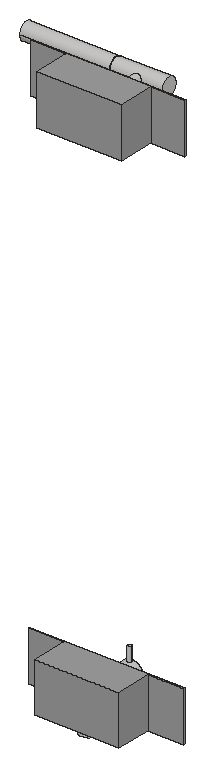
Revit family "COMBI-31_converted", category Generic Models, host Wall, Revit 2012
Parameters (values of type "Type 1")
  e-mail = "info@vola.com"
  Waste Connection = no
  Visible [instance] = yes
  Vent Connection = no
  URL = "http://vola.com"
  Type Mark = ""
  Trap [instance] = ""
  Telephone = "+45 7023 5500"
  System Name [instance] = ""
  System Classification [instance] = ""
  System Abbreviation [instance] = ""
  Supply Pipe [instance] = ""
  Supply Fitting [instance] = ""
  Shower Head Height = 2100 mm
  Quality management standard = ""
  Organisation no. / DUNS no. = "17531328"
  OmniClass Title = ""
  OmniClass Number = ""
  Offset [instance] = 0 mm
  Occupational health and safety management standard = ""
  Mounting Instructions = ""
  Model = ""
  Mixer Offset [instance] = 12 mm
  Materials and components information = ""
  Mark [instance] = "1"
  Manufacturer = "VOLA A/S"
  Maintenance Instructions = ""
  Host [instance] = "Basic Wall : Wall 1"
  Handle Height = 1100 mm
  HW Connection = no
  Guarantee = ""
  Flow = ""
  Environmental management standard = ""
  Drain [instance] = ""
  Connection - All relevant connections = ""
  Comments [instance] = ""
  CW Connection = no
  Assembly Description = ""
  Assembly Code = ""
  Approvals = ""
Reference planes
  plane 1 "Wall": y = 0
  plane 2 "Center (Left/Right)": x = 125
  plane 3 "Back": y = 75
Text (mm)
  text "Placement Side" at (-1848.837, 1116.779, 0), in view "Ref. Level"
  text "Placement side" at (0, 1409.804, 2854.306), in view "Left"
  text "Placement side" at (0, 499.811, 2980.732), in view "Right"
Dimensions and locks
  locked: plane 3 "Back" to host wall
  aligned and locked: plane 1 "Wall" to host wall
  aligned and locked: nested 1 to plane 2 "Center (Left/Right)"
  aligned and locked: nested 1 to plane 3 "Back"
Nested families
  nested 1: "COMBI-31" at (125, 75, 0) x (-1, 0, 0) z (0, 0, 1), Mixer Offset <- "Mixer Offset", type "COMBI-31"
    with Mixer Offset 12 mm
Definition of nested family "COMBI-31"
  Parameters (values of type "COMBI-31")
    e-mail = "info@vola.com"
    URL = "http://vola.com"
    Telephone = "+45 7023 5500"
    Shower Head Height = 2100 mm
    Quality management standard = ""
    Organisation no. / DUNS no. = "17531328"
    Occupational health and safety management standard = ""
    Mounting Instructions = ""
    Model = ""
    Mixer Offset [instance] = 12 mm
    Mixer = yes
    Materials and components information = ""
    Manufacturer = "VOLA A/S"
    Maintenance Instructions = ""
    Handle Height = 1100 mm
    Guarantee = ""
    Flow = ""
    Environmental management standard = ""
    Connection - All relevant connections = ""
    Approvals = ""
  Reference planes
    plane 1 "Center (Front/Back)": y = 0
    plane 2: z = 0
    plane 3 "Center (Left/Right)": x = 0
    plane 4 "Mixer plane": y = 12
  Forms (mm)
    Extrusion 1, solid, material "Stainless Steel", visible <- "Mixer"
      sketch origin (-16.5, 11.5, 1100) x (0, 0, -1) y (1, 0, 0)
        loop
          circle (0, 16.5) r 16.5
      from 0 to 11.5
    Extrusion 2, solid, material "Stainless Steel", visible <- "Mixer"
      sketch origin (-16.5, 11.5, 2100) x (0, 0, -1) y (1, 0, 0)
        loop
          circle (0, 16.5) r 16.5
      from 0 to 11.5
  Dimensions and locks
    "Mixer Offset": plane 4 "Mixer plane" to plane 1 "Center (Front/Back)"
    "Shower Head Height": nested 3 to level
    "Handle Height": nested 1 to level
    aligned and locked: plane 2 to level
    aligned and locked: plane 3 "Center (Left/Right)" to nested 1
    aligned and locked: nested 1 to nested 2
    aligned and locked: nested 2 to nested 1
    aligned and locked: nested 1 to nested 4
    aligned and locked: nested 2 to nested 4
    aligned and locked: nested 1 to plane 4 "Mixer plane"
    aligned and locked: plane 1 "Center (Front/Back)" to Extrusion 1
    aligned and locked: nested 5 to plane 4 "Mixer plane"
    aligned and locked: nested 5 to plane 3 "Center (Left/Right)"
    aligned and locked: plane 1 "Center (Front/Back)" to Extrusion 2
  Automatic sketch dimensions
    radius of Extrusion 1 sketch curve to nested 1 = 0 mm
    radius of Extrusion 2 sketch curve to nested 5 = 0 mm
  Nested families
    nested 1: "S21V" at (0, 83.5, 1052.5), visible <- "Mixer", type "Standard"
    nested 2: "001" at (0, 0, 1100) x (1, 0, 0) z (0, -1, 0), type "Standard"
    nested 3: "080W" at (0, 0, 2100), type "Standard"
    nested 4: "NR17" at (0, -2, 1100), type "Standard"
    nested 5: "200M" at (0, 12, 2100) x (-1, 0, 0) z (0, 1, 0), visible <- "Mixer", type "Standard"
  Connectors
    piping at (0, 57.5, 1041.5)
      settings: on nested 1, index 1, connector radius 16.5 mm, flow factor 0, pipe flow 0.0 L/s, pressure drop 0.0 Pa, fitting loss kfactor 0, connector angle 0.00°, fixture units 0, engagement length 0 mm, flow configuration 0, flow direction 1, fitting loss method 0, system type 20, joint type 0, gender type 0, connector reference index -1, connector utility 0, adjustable connector no, is connector primary yes, fitting loss table "", connector description ""
  Definition of nested family "S21V"
    Parameters (values of type "Standard")
      e-mail = "info@vola.com"
      URL = "http://vola.com"
      Telephone = "+45 7023 5500"
      Quality management standard = "ISO 9001"
      Organisation no. / DUNS no. = "17531328"
      Occupational health and safety management standard = "ISO 18001"
      Mounting Instructions = "http://vola.com/service/producturl.ashx?name=S21V"
      Model = "S21V"
      Materials and components information = "http://vola.com/service/producturl.ashx?name=S21V"
      Manufacturer = "VOLA A/S"
      Maintenance Instructions = "http://vola.com/service/producturl.ashx?name=S21V"
      Guarantee = "2 years"
      Flow = "50,00 l/min"
      Environmental management standard = "ISO 14000"
      Connection - All relevant connections = "¾\" for water connection"
      Approvals = "http://vola.com/service/producturl.ashx?name=S21V"
    Reference planes
      plane 1 "Center (Front/Back)": y = 0
      plane 2: z = 0
      plane 3 "Center (Left/Right)": x = 0
      plane 4 "Front Plane": y = -72
      plane 5 "Inlet Center Plane": y = -26
      plane 6: z = 47.5
    Forms (mm)
      Extrusion 1, solid, material "Stainless Steel"
        sketch origin (1071.5, -3.5, -21.5) x (-1, 0, 0) y (0, 0, -1)
          loop
            circle (1071.5, -69) r 16.5
        from 68 to 68.5
      Extrusion 2, solid, material "Default"
        sketch origin (0, -1, -21.5) x (1, 0, 0) y (0, 1, 0)
          loop
            line (-77.5, 1) -> (-77.5, -68) -> (82.5, -68) -> (82.5, 1) -> (-77.5, 1)
        from 21.5 to 116.5
      Extrusion 3, solid, material "Default"
        sketch origin (0, -1, -21.5) x (1, 0, 0) y (0, 1, 0)
          loop
            line (-145, -68) -> (-145, -70.5) -> (147.5, -70.5) -> (147.5, -68) -> (-145, -68)
        from 21.5 to 116.5
      Extrusion 4, solid, material "Stainless Steel"
        sketch origin (0, -1, 0) x (0, 1, 0) y (1, 0, 0)
          loop
            circle (-25, 0) r 16.5
        from 0 to 11
    Cuts and joins
      joined: Extrusion 2, Extrusion 3
    Lines and regions (mm)
      reference lines
        curve 1: line (0, -26, 47.5) -> (0, -123.5, 47.5)
        curve 2: line (0, -25.5, 47.5) -> (0, -25.5, -51.5)
        curve 3: line (0, -36.5, 47.5) -> (0, -36.5, 146.5)
    Dimensions and locks
      aligned and locked: plane 2 to level
      aligned and locked: Extrusion 2 to Extrusion 3
      aligned and locked: Extrusion 3 to Extrusion 2
  Definition of nested family "001"
    Parameters (values of type "Standard")
      e-mail = "info@vola.com"
      URL = "http://vola.com"
      Telephone = "+45 7023 5500"
      Quality management standard = "ISO 9001"
      Organisation no. / DUNS no. = "17531328"
      Occupational health and safety management standard = "ISO 18001"
      Mounting Instructions = "http://vola.com/service/producturl.ashx?name=001"
      Model = "001"
      Materials and components information = "http://vola.com/service/producturl.ashx?name=001"
      Manufacturer = "VOLA A/S"
      Maintenance Instructions = "http://vola.com/service/producturl.ashx?name=001"
      Guarantee = "2 years"
      Environmental management standard = "ISO 14000"
      Connection - All relevant connections = ""
      Approvals = "http://vola.com/service/producturl.ashx?name=001"
    Reference planes
      plane 1 "Center (Front/Back)": y = 0
      plane 2: z = 0
      plane 3 "Center (Left/Right)": x = 0
    Forms (mm)
      Extrusion 1, solid, material "Stainless Steel"
        sketch origin (0, 0, 0) x (1, 0, 0) y (0, 1, 0)
          loop
            circle (0, 0) r 16.5
          loop
            circle (0, 0) r 30
        from 0 to 2
    Dimensions and locks
      aligned and locked: plane 2 to level
  Definition of nested family "080W"
    Parameters (values of type "Standard")
      e-mail = "info@vola.com"
      URL = "http://vola.com"
      Telephone = "+45 7023 5500"
      Quality management standard = "ISO 9001"
      Organisation no. / DUNS no. = "17531328"
      Occupational health and safety management standard = "ISO 18001"
      Mounting Instructions = "http://vola.com/service/producturl.ashx?name=070"
      Model = "070"
      Materials and components information = "http://vola.com/service/producturl.ashx?name=070"
      Manufacturer = "VOLA A/S"
      Maintenance Instructions = "http://vola.com/service/producturl.ashx?name=070"
      Guarantee = "2 years"
      Flow = "9,00 l/min"
      Environmental management standard = "ISO 14000"
      Connection - All relevant connections = ""
      Approvals = "http://vola.com/service/producturl.ashx?name=070"
    Reference planes
      plane 1 "Center (Front/Back)": y = 0
      plane 2: z = 0
      plane 3 "Center (Left/Right)": x = 0
    Forms (mm)
      Extrusion 1, solid, material "Stainless Steel"
        sketch origin (0, 0, 0) x (1, 0, 0) y (0, 0, 1)
          loop
            circle (0, 0) r 30
        from 0 to 10
      Extrusion 2, solid, material "Stainless Steel"
        sketch origin (0, -10, 0) x (1, 0, 0) y (0, 0, 1)
          loop
            circle (0, 0) r 9.5
        from 60 to 0
      Extrusion 3, solid, material "Stainless Steel"
        sketch origin (0, 0, 0) x (0, 1, 0) y (0, 0, 1)
          loop
            circle (-70, 0) r 16
        from -50 to 50
      Extrusion 4, solid, material "Stainless Steel"
        sketch origin (50, 0, 0) x (0, 1, 0) y (0, 0, 1)
          loop
            circle (-70, 0) r 16
        from 0 to 170
      Extrusion 5, void
        sketch origin (0, -70, 0) x (-1, 0, 0) y (0, 0, 1)
          loop
            line (-71, 3) -> (-199, 3) -> (-199, -3) -> (-71, -3) -> (-71, 3)
        from -16 to 0
      Extrusion 6, solid, material "Grey Coating"
        sketch origin (71, -70, 14.744) x (0, 0, 1) y (0, -1, 0)
          loop
            arc (-14.744, 16) -> (-16.251, 15.929) -> (-17.744, 15.716) r 16
            line (-17.744, 15.716) -> (-17.744, 0) -> (-11.744, 0) -> (-11.744, 15.716)
            arc (-11.744, 15.716) -> (-13.237, 15.929) -> (-14.744, 16) r 16
        from 0 to 128
      Extrusion 7, void
        sketch origin (71, -70, -3) x (0, 0, -1) y (1, 0, 0)
          loop
            line (-3.5, 2.5) -> (-2.5, 2.5) -> (-2.5, 125.5) -> (-3.5, 125.5) -> (-3.5, 2.5)
        from 0 to 19.312
    Cuts and joins
      Extrusion 5 cuts Extrusion 4
      joined: Extrusion 2, Extrusion 3
      Extrusion 7 cuts Extrusion 6
    Dimensions and locks
      aligned and locked: plane 2 to level
  Definition of nested family "NR17"
    Parameters (values of type "Standard")
      e-mail = "info@vola.com"
      URL = "http://vola.com"
      Telephone = "+45 7023 5500"
      Quality management standard = "ISO 9001"
      Organisation no. / DUNS no. = "17531328"
      Occupational health and safety management standard = "ISO 18001"
      Mounting Instructions = "http://vola.com/service/producturl.ashx?name=NR17"
      Model = "NR17"
      Materials and components information = "http://vola.com/service/producturl.ashx?name=NR17"
      Manufacturer = "VOLA A/S"
      Maintenance Instructions = "http://vola.com/service/producturl.ashx?name=NR17"
      Guarantee = "2 years"
      Environmental management standard = "ISO 14000"
      Connection - All relevant connections = ""
      Approvals = "http://vola.com/service/producturl.ashx?name=NR17"
    Reference planes
      plane 1 "Center (Front/Back)": y = 0
      plane 2: z = 0
      plane 3 "Center (Left/Right)": x = 0
    Forms (mm)
      Extrusion 1, solid, material "Stainless Steel"
        sketch origin (0, 0, 0) x (1, 0, 0) y (0, 0, 1)
          loop
            circle (0, 0) r 20
        from 5 to 42.5
      Extrusion 2, solid, material "Stainless Steel"
        sketch origin (0, -2.75, 0) x (0, -1, 0) y (1, 0, 0)
          loop
            circle (34.5, 0) r 3.5
        from 19 to 45.5
      Extrusion 3, solid, material "Stainless Steel"
        sketch origin (0, 0, 0) x (1, 0, 0) y (0, 0, 1)
          loop
            circle (0, 0) r 18
        from 0 to 5
    Cuts and joins
      joined: Extrusion 1, Extrusion 2
    Dimensions and locks
      aligned and locked: plane 2 to level
  Definition of nested family "200M"
    Parameters (values of type "200M")
      e-mail = "info@vola.com"
      URL = "http://vola.com"
      Telephone = "+45 7023 5500"
      Quality management standard = "ISO 9001"
      Organisation no. / DUNS no. = "17531328"
      Occupational health and safety management standard = "ISO 18001"
      Mounting Instructions = "http://vola.com/service/producturl.ashx?name=200M"
      Model = "200M"
      Materials and components information = "http://vola.com/service/producturl.ashx?name=200M"
      Manufacturer = "VOLA A/S"
      Maintenance Instructions = "http://vola.com/service/producturl.ashx?name=200M"
      Guarantee = "2 years"
      Environmental management standard = "ISO 14000"
      Connection - All relevant connections = ""
      Approvals = "http://vola.com/service/producturl.ashx?name=200M"
    Reference planes
      plane 1 "Center (Front/Back)": y = 0
      plane 2: z = 0
      plane 3 "Center (Left/Right)": x = 0
    Forms (mm)
      Extrusion 1, solid, material "Default"
        sketch origin (0, 69, 70.5) x (1, 0, 0) y (0, 0, 1)
          loop
            line (-77.5, 1) -> (-77.5, -68) -> (82.5, -68) -> (82.5, 1) -> (-77.5, 1)
        from 21.5 to 116.5
      Extrusion 2, solid, material "Default"
        sketch origin (0, 69, 70.5) x (1, 0, 0) y (0, 0, 1)
          loop
            line (-145, -68) -> (-145, -70.5) -> (147.5, -70.5) -> (147.5, -68) -> (-145, -68)
        from 21.5 to 116.5
      Extrusion 3, solid, material "Stainless Steel"
        sketch origin (1071.5, 69, 68) x (0, 1, 0) y (1, 0, 0)
          loop
            circle (-69, -1071.5) r 16.5
        from 68 to 68.5
    Cuts and joins
      joined: Extrusion 1, Extrusion 2
    Lines and regions (mm)
      reference lines
        curve 1: line (0, 0, -0.5) -> (0, 0, -20.5)
        curve 2: line (0, 0, 27.5) -> (0, -99, 27.5)
        curve 3: line (0, 0, 38) -> (0, 99, 38)
    Dimensions and locks
      aligned and locked: plane 2 to level
      aligned and locked: Extrusion 2 to Extrusion 1  (x2)
